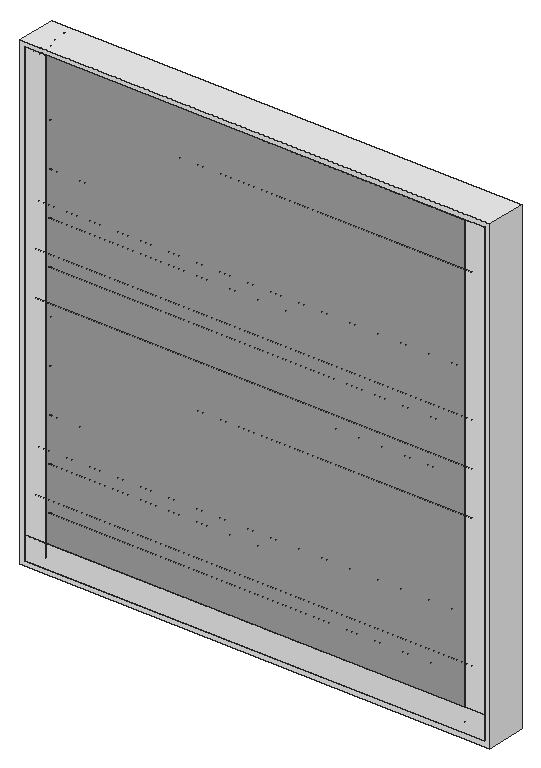
Revit family
Parameters (values of type "Louver_Operable_EOD-445_All-Lite")
  URL = "http://www.alllite-louvers.com"
  Spacing = 0.417 ft
  SmartBIM Object Version = 3  # constant formula
  SmartBIM Object Created By = "Reed Construction Data"  # constant formula
  Shim Thickness = 0.042 ft
  Screen Width = Width - (2 * Shim Thickness) - 2 * 0.083333 ft  # 3.749333 ft
  Screen Height = Height - (2 * Shim Thickness) - 2 * 0.098958 ft  # 3.718083 ft
  Screen = Aluminum
  Rough Width = 0.0 ft
  Rough Height = 0.0 ft
  Product URL = "http://www.alllite-louvers.com/catalog.php?model=EOD-445"
  Pressure Loss (in.wg.) = "0.16"  # constant formula
  OmniClass Title = "Exterior Louvers and Grilles"  # constant formula
  OmniClass Code = "23-60 11 17"  # constant formula
  Model Number = "EOD-445"  # constant formula
  Minimum Size = "12\" x 12\""
  Maximum Size - Single Section = "48\" x 96\" with low leakage seals, 60\" x 96\"  without low leakage seals."
  Maximum Size - Multiple Section = "Unlimited"
  Manufacturer = "All-Lite"  # constant formula
  Louver Width = Width - (2 * Shim Thickness) - 0.166667 ft  # 3.749333 ft
  Louver = Mill finish, 6063-T5 Extruded Aluminum
  Height = 4.0 ft
  Free Area for 48”x48” Louver = "43.1%"
  Free Area Velocity (fpm) = "1,024"  # constant formula
  Free Area (ft²) for 48"x48" Louver = 6.9 ft
  Frame = Mill finish, 6063-T5 Extruded Aluminum
  Default Sill Height = 3.0 ft
  Wall Closure = (empty or 0)
  Width = 4.0 ft
  Cut Sheet = "http://www.alllite-louvers.com/catalog/AEOD445.pdf"
  Assembly Code = "B2010300"
  Air Volume Delivered (cfm) = "7,096"  # constant formula
  95 CSI = "10200 "  # constant formula
  04 CSI = "08 91 00"  # constant formula
  # of Louvers = (Height - 0.25 ft) / (Spacing)  # 9
Reference planes (ft)
  plane 1 "Center (Front/Back)": y = 0
  plane 2: z = 0.291667
  plane 3 "Center (Left/Right)": x = 0
  plane 4 "Left": x = -2
  plane 5 "Right": x = 2
  plane 6 "Sill": z = 3.291667
  plane 7 "Top": z = 7.291667
  plane 8: x = -1.958
  plane 9: x = 1.958
  plane 10: z = 7.249667
  plane 11: z = 3.333667
  plane 12: z = 5.291667
  plane 13: z = 3.526375
  plane 14: z = 7.072917
  plane 15: y = -0.006094
  plane 16: z = 6.913149
Forms (ft)
  Sweep 1, solid, material "Mill finish, 6063-T5 Extruded Aluminum" <- "Frame"
    path origin (-5, 0.333333, 0) x (-1, 0, 0) y (0, 0, 1)
      loop
        line (-6.890333, 7.249667) -> (-3.109667, 7.249667)
    profile "Head Horizontal Mullion : Head Horizontal Mullion" origin (0, 0.333333, 7.249667) x (0, 0, 1) y (0, 1, 0)
      loop
        line (-0.0625, -0.322343) -> (0, -0.322343) -> (0, -0.01) -> (-0.080537, -0.01)
        arc (-0.080537, -0.01) -> (-0.083121, -0.010514) -> (-0.08531, -0.011977) r 0.00675
        line (-0.08531, -0.011977) -> (-0.157056, -0.083722) -> (-0.152283, -0.088495) -> (-0.080537, -0.01675) -> (-0.010125, -0.01675)
        arc (-0.010125, -0.01675) -> (-0.007739, -0.017739) -> (-0.00675, -0.020125) r 0.003375
        line (-0.00675, -0.020125) -> (-0.00675, -0.104469)
        arc (-0.00675, -0.104469) -> (-0.007739, -0.106855) -> (-0.010125, -0.107844) r 0.003375
        line (-0.010125, -0.107844) -> (-0.038, -0.107844) -> (-0.038, -0.114594) -> (-0.433354, -0.114594) -> (-0.433354, -0.01675) -> (-0.340148, -0.01675) -> (-0.340148, -0.01) -> (-0.440104, -0.01) -> (-0.440104, -0.121344) -> (-0.336518, -0.121344) -> (-0.336518, -0.188454) -> (-0.274018, -0.188454) -> (-0.274018, -0.178119) -> (-0.329768, -0.178119) -> (-0.329768, -0.121344) -> (-0.165567, -0.121344)
        arc (-0.165567, -0.121344) -> (-0.163181, -0.122332) -> (-0.162192, -0.124719) r 0.003375
        line (-0.162192, -0.124719) -> (-0.162192, -0.137098)
        arc (-0.162192, -0.137098) -> (-0.162751, -0.138958) -> (-0.164243, -0.140202) r 0.003375
        arc (-0.164243, -0.140202) -> (-0.172424, -0.150431) -> (-0.168407, -0.162897) r 0.013833
        arc (-0.168407, -0.162897) -> (-0.164746, -0.16357) -> (-0.162692, -0.160465) r 0.003375
        arc (-0.162692, -0.160465) -> (-0.162962, -0.159143) -> (-0.163728, -0.158032) r 0.003375
        arc (-0.163728, -0.158032) -> (-0.158817, -0.145844) -> (-0.153907, -0.158032) r 0.007083
        arc (-0.153907, -0.158032) -> (-0.154673, -0.159143) -> (-0.154942, -0.160465) r 0.003375
        arc (-0.154942, -0.160465) -> (-0.152889, -0.16357) -> (-0.149228, -0.162897) r 0.003375
        arc (-0.149228, -0.162897) -> (-0.145211, -0.150431) -> (-0.153391, -0.140202) r 0.013833
        arc (-0.153391, -0.140202) -> (-0.154883, -0.138958) -> (-0.155442, -0.137098) r 0.003375
        line (-0.155442, -0.137098) -> (-0.155442, -0.124719)
        arc (-0.155442, -0.124719) -> (-0.154454, -0.122332) -> (-0.152067, -0.121344) r 0.003375
        line (-0.152067, -0.121344) -> (-0.079667, -0.121344) -> (-0.079667, -0.128094) -> (-0.056858, -0.128094)
        arc (-0.056858, -0.128094) -> (-0.054472, -0.129082) -> (-0.053483, -0.131469) r 0.003375
        line (-0.053483, -0.131469) -> (-0.053483, -0.137098)
        arc (-0.053483, -0.137098) -> (-0.054042, -0.138958) -> (-0.055534, -0.140202) r 0.003375
        arc (-0.055534, -0.140202) -> (-0.063715, -0.150431) -> (-0.059698, -0.162897) r 0.013833
        arc (-0.059698, -0.162897) -> (-0.056037, -0.16357) -> (-0.053983, -0.160465) r 0.003375
        arc (-0.053983, -0.160465) -> (-0.054253, -0.159143) -> (-0.055019, -0.158032) r 0.003375
        arc (-0.055019, -0.158032) -> (-0.050108, -0.145844) -> (-0.045198, -0.158032) r 0.007083
        arc (-0.045198, -0.158032) -> (-0.045964, -0.159143) -> (-0.046233, -0.160465) r 0.003375
        arc (-0.046233, -0.160465) -> (-0.04418, -0.16357) -> (-0.040519, -0.162897) r 0.003375
        arc (-0.040519, -0.162897) -> (-0.036502, -0.150431) -> (-0.044682, -0.140202) r 0.013833
        arc (-0.044682, -0.140202) -> (-0.046174, -0.138958) -> (-0.046733, -0.137098) r 0.003375
        line (-0.046733, -0.137098) -> (-0.046733, -0.131469)
        arc (-0.046733, -0.131469) -> (-0.045745, -0.129082) -> (-0.043358, -0.128094) r 0.003375
        line (-0.043358, -0.128094) -> (-0.010125, -0.128094)
        arc (-0.010125, -0.128094) -> (-0.007739, -0.129082) -> (-0.00675, -0.131469) r 0.003375
        line (-0.00675, -0.131469) -> (-0.00675, -0.26431)
        arc (-0.00675, -0.26431) -> (-0.007739, -0.266697) -> (-0.010125, -0.267685) r 0.003375
        line (-0.010125, -0.267685) -> (-0.023858, -0.267685)
        arc (-0.023858, -0.267685) -> (-0.025719, -0.267126) -> (-0.026963, -0.265634) r 0.003375
        arc (-0.026963, -0.265634) -> (-0.037191, -0.257454) -> (-0.049657, -0.26147) r 0.013833
        arc (-0.049657, -0.26147) -> (-0.05033, -0.265132) -> (-0.047225, -0.267185) r 0.003375
        arc (-0.047225, -0.267185) -> (-0.045903, -0.266916) -> (-0.044793, -0.26615) r 0.003375
        arc (-0.044793, -0.26615) -> (-0.032604, -0.27106) -> (-0.044793, -0.27597) r 0.007083
        arc (-0.044793, -0.27597) -> (-0.045903, -0.275205) -> (-0.047225, -0.274935) r 0.003375
        arc (-0.047225, -0.274935) -> (-0.05033, -0.276988) -> (-0.049657, -0.28065) r 0.003375
        arc (-0.049657, -0.28065) -> (-0.037191, -0.284666) -> (-0.026963, -0.276486) r 0.013833
        arc (-0.026963, -0.276486) -> (-0.025719, -0.274994) -> (-0.023858, -0.274435) r 0.003375
        line (-0.023858, -0.274435) -> (-0.010125, -0.274435)
        arc (-0.010125, -0.274435) -> (-0.007739, -0.275424) -> (-0.00675, -0.27781) r 0.003375
        line (-0.00675, -0.27781) -> (-0.00675, -0.312218)
        arc (-0.00675, -0.312218) -> (-0.007739, -0.314605) -> (-0.010125, -0.315593) r 0.003375
        line (-0.010125, -0.315593) -> (-0.0625, -0.315593) -> (-0.0625, -0.322343)
  Sweep 2, solid, material "Mill finish, 6063-T5 Extruded Aluminum" <- "Frame"
    path origin (-5, 0.333333, 0) x (-1, 0, 0) y (0, 0, 1)
      loop
        line (-6.958, 3.333667) -> (-3.042, 3.333667)
    profile "Horizontal Mullion : Horizontal Mullion" origin (0, 0.333333, 3.333667) x (0, 0, 1) y (0, 1, 0)
      loop
        line (0.00675, -0.00675) -> (0.076583, -0.00675) -> (0.076583, -0.326167) -> (0.00675, -0.326167) -> (0.00675, -0.29125) -> (0, -0.29125) -> (0, -0.332917) -> (0.197917, -0.332917) -> (0.197917, -0.326167) -> (0.083333, -0.326167) -> (0.083333, 0) -> (0, 0) -> (0, -0.041667) -> (0.00675, -0.041667) -> (0.00675, -0.00675)
  Sweep 3, solid, material "Mill finish, 6063-T5 Extruded Aluminum" <- "Frame"
    path origin (-5, 0.333333, 0) x (-1, 0, 0) y (0, 0, 1)
      loop
        line (-3, 7.291667) -> (-7, 7.291667) -> (-7, 3.291667) -> (-3, 3.291667) -> (-3, 7.291667)
    profile origin (-2, 0.333333, 5.291667) x (0, 1, 0) y (-1, 0, 0)
      loop
        line (0, 0) -> (-0.332917, 0) -> (-0.332917, -0.042) -> (0, -0.042) -> (0, 0)
  Extrusion 4, solid, material "Aluminum" <- "Screen"
    sketch origin (-2, 0.417083, 7.291667) x (0, 0, -1) y (1, 0, 0)
      loop
        line (0.042, 0.213917) -> (3.760083, 0.213917) -> (3.760083, 3.786083) -> (0.042, 3.786083) -> (0.042, 0.213917)
    from 0.416667 to 0.409917
  Sweep 5, solid, material "Mill finish, 6063-T5 Extruded Aluminum" <- "Frame"
    path origin (-5, 0.333333, 0) x (-1, 0, 0) y (0, 0, 1)
      loop
        line (-3.042, 3.417) -> (-3.042, 7.249667)
    profile "Vertical Mullion : Vertical Mullion" origin (-1.958, 0.333333, 5.333333) x (1, 0, 0) y (0, 1, 0)
      loop
        line (0, -0.332917) -> (0.06775, -0.332917) -> (0.171917, -0.332917) -> (0.171917, -0.3225) -> (0.06775, -0.3225) -> (0.06775, -0.085417) -> (0.010417, -0.085417) -> (0.010417, -0.010417) -> (0.060917, -0.010417) -> (0.060917, -0.026083) -> (0.067667, -0.026083) -> (0.067667, -0.00675) -> (0.083333, -0.00675) -> (0.083333, 0) -> (0, 0) -> (0, -0.095833) -> (0.057333, -0.095833) -> (0.057333, -0.3225) -> (0.010417, -0.3225) -> (0.010417, -0.294917) -> (0, -0.294917) -> (0, -0.332917)
  Sweep 6, solid, material "Mill finish, 6063-T5 Extruded Aluminum" <- "Frame"
    path origin (-5, 0.333333, 0) x (-1, 0, 0) y (0, 0, 1)
      loop
        line (-6.958, 3.417) -> (-6.958, 7.249667)
    profile "Vertical Mullion : Vertical Mullion" origin (1.958, 0.333333, 5.333333) x (1, 0, 0) y (0, 1, 0)
      loop
        line (0, -0.332917) -> (0, -0.294917) -> (-0.010417, -0.294917) -> (-0.010417, -0.3225) -> (-0.057333, -0.3225) -> (-0.057333, -0.095833) -> (0, -0.095833) -> (0, 0) -> (-0.083333, 0) -> (-0.083333, -0.00675) -> (-0.067667, -0.00675) -> (-0.067667, -0.026083) -> (-0.060917, -0.026083) -> (-0.060917, -0.010417) -> (-0.010417, -0.010417) -> (-0.010417, -0.085417) -> (-0.06775, -0.085417) -> (-0.06775, -0.3225) -> (-0.171917, -0.3225) -> (-0.171917, -0.332917) -> (-0.06775, -0.332917) -> (0, -0.332917)
Lines and regions (ft)
  Opening 1
    outline origin (-5, -0.333333, 0) x (1, 0, 0) y (0, 0, 1)
      loop
        line (3, 7.291667) -> (3, 3.291667) -> (7, 3.291667) -> (7, 7.291667) -> (3, 7.291667)
  Masking region 1, detail levels coarse+medium
    outline origin (0, 0, 0) x (1, 0, 0) y (0, 1, 0)
      loop
        line (-2, 0.000417) -> (-1.874667, 0.000417) -> (-1.874667, 0.333333) -> (-2, 0.333333) -> (-2, 0.000417)
      loop
        line (1.874667, 0.333333) -> (1.874667, 0.000417) -> (2, 0.000417) -> (2, 0.333333) -> (1.874667, 0.333333)
  Masking region 2, detail levels fine
    outline origin (0, 0, 0) x (1, 0, 0) y (0, 1, 0)
      loop
        line (1.947583, 0.322917) -> (1.947583, 0.247917) -> (1.89025, 0.247917) -> (1.89025, 0.010833) -> (1.786083, 0.010833) -> (1.786083, 0.000417) -> (1.958, 0.000417) -> (1.958, 0.038417) -> (1.947583, 0.038417) -> (1.947583, 0.010833) -> (1.900667, 0.010833) -> (1.900667, 0.2375) -> (1.958, 0.2375) -> (1.958, 0.333333) -> (1.874667, 0.333333) -> (1.874667, 0.326583) -> (1.890333, 0.326583) -> (1.890333, 0.30725) -> (1.897083, 0.30725) -> (1.897083, 0.322917) -> (1.947583, 0.322917)
      loop
        line (-1.900667, 0.2375) -> (-1.900667, 0.010833) -> (-1.947583, 0.010833) -> (-1.947583, 0.038417) -> (-1.958, 0.038417) -> (-1.958, 0.000417) -> (-1.786083, 0.000417) -> (-1.786083, 0.010833) -> (-1.89025, 0.010833) -> (-1.89025, 0.247917) -> (-1.947583, 0.247917) -> (-1.947583, 0.322917) -> (-1.897083, 0.322917) -> (-1.897083, 0.30725) -> (-1.890333, 0.30725) -> (-1.890333, 0.326583) -> (-1.874667, 0.326583) -> (-1.874667, 0.333333) -> (-1.958, 0.333333) -> (-1.958, 0.2375) -> (-1.900667, 0.2375)
Text (ft)
  text "EXTERIOR" at (-4.890733, 4.242245, 0), in view "Ref. Level"
  text "INTERIOR" at (-4.890733, -3.147199, 0), in view "Ref. Level"
  text "Exterior" at (0, 3.638026, 10.266337), in view "Left"
  text "Exterior" at (0, 1.524487, 10.420622), in view "Right"
Dimensions and locks (ft)
  equal spacing: plane 4 "Left", plane 3 "Center (Left/Right)", plane 5 "Right"
  "Width": plane 4 "Left" to plane 5 "Right"
  "Height": plane 6 "Sill" to plane 7 "Top"
  "Default Sill Height": plane 2 to plane 6 "Sill"
  "Shim Thickness": plane 4 "Left" to plane 8
  "Shim Thickness": plane 9 to plane 5 "Right"
  "Shim Thickness": plane 10 to plane 7 "Top"
  "Shim Thickness": plane 6 "Sill" to plane 11
  equal spacing: plane 11, plane 12, plane 10
  Sweep 3 to host wall = 0.333333 ft
  locked: plane 11 to plane 13 at 0.192708
  equal spacing: group 1, group 3, group 4, group 5, group 6, group 7, group 8, group 9, group 2  (x2)
  equal spacing: group 2, group 9, group 8, group 7, group 6, group 5, group 4, group 3, group 1
  Sweep 3 to Sweep 3 = 0.332917 ft
  locked: plane 10 to plane 16 at 0.336518
  locked: Sweep 1 to plane 15 at 0.023834
  aligned and locked: plane 7 "Top" to Opening 1 sketch curve
  aligned and locked: plane 6 "Sill" to Opening 1 sketch curve  (x2)
  aligned and locked: plane 5 "Right" to Opening 1 sketch curve
  aligned and locked: plane 4 "Left" to Opening 1 sketch curve
  aligned and locked: plane 10 to Sweep 1 sketch curve
  aligned and locked: Sweep 2 sketch curve to plane 11
  aligned and locked: Sweep 3 sketch curve to plane 4 "Left"
  aligned and locked: Sweep 3 sketch curve to plane 7 "Top"
  aligned and locked: Sweep 3 sketch curve to plane 6 "Sill"
  aligned and locked: Sweep 3 sketch curve to plane 5 "Right"
  aligned and locked: Sweep 3 sketch curve to host wall  (x2)
  aligned and locked: plane 8 to Sweep 3 sketch curve
  aligned and locked: profile plane to host wall
  aligned and locked: plane 8 to Sweep 5 sketch curve
  aligned and locked: plane 10 to Sweep 5 sketch curve
  aligned and locked: Sweep 6 sketch curve to plane 9
  aligned and locked: plane 10 to Sweep 6 sketch curve
  aligned and locked: nested 2 to plane 13
  aligned and locked: Sweep 5 sketch curve to Sweep 2
  aligned and locked: plane 8 to Sweep 2 sketch curve
  aligned and locked: Sweep 2 to Sweep 6 sketch curve
  aligned and locked: plane 9 to Sweep 2 sketch curve
  aligned and locked: Sweep 5 to Extrusion 4 sketch curve
  aligned and locked: nested 1 to Sweep 1
  aligned and locked: nested 2 to Sweep 1
  aligned and locked: plane 10 to Extrusion 4 sketch curve
  aligned and locked: Sweep 3 sketch curve to Sweep 5
  aligned and locked: Extrusion 4 sketch curve to Sweep 6
  aligned and locked: plane 16 to nested 1
  aligned and locked: Extrusion 4 to Sweep 2  (x2)
  aligned and locked: Sweep 1 sketch curve to Sweep 5
  aligned and locked: Sweep 6 to Sweep 1 sketch curve
  aligned and locked: Masking region 1 sketch curve to plane 4 "Left"
  aligned and locked: Sweep 3 to Masking region 1 sketch curve
  aligned and locked: Masking region 1 sketch curve to Sweep 5
  aligned and locked: Masking region 1 sketch curve to Sweep 3
  aligned and locked: Masking region 1 sketch curve to Sweep 6  (x2)
  aligned and locked: Masking region 1 sketch curve to plane 5 "Right"
  aligned and locked: Sweep 6 to Masking region 1 sketch curve
  aligned and locked: Masking region 2 sketch curve to Sweep 6  (x20)
  aligned and locked: Masking region 2 sketch curve to Sweep 5  (x20)
  aligned and locked: Sweep 2 to Extrusion 4 sketch curve
Nested families (ft)
  nested 1: "Louver Single" at (0, 0.409271, 6.527294), type "Louver"
  nested 2: "Louver Single" at (0, 0.409271, 3.526375), type "Louver"
  nested 3: "Louver Single" at (0, 0.409271, 6.152179), type "Louver"
  nested 4: "Louver Single" at (0, 0.409271, 5.777064), type "Louver"
  nested 5: "Louver Single" at (0, 0.409271, 5.40195), type "Louver"
  nested 6: "Louver Single" at (0, 0.409271, 5.026835), type "Louver"
  nested 7: "Louver Single" at (0, 0.409271, 4.65172), type "Louver"
  nested 8: "Louver Single" at (0, 0.409271, 4.276605), type "Louver"
  nested 9: "Louver Single" at (0, 0.409271, 3.90149), type "Louver"
Connectors (ft)
  hvac at (0, 0.007167, 5.390625), driven by "Screen Height", driven by "Screen Width"
    settings: on Extrusion 4, index 1
Definition of nested family "Louver Single"
  Parameters (values of type "Louver")
    Louver Length = 3.75 ft
    Depth = 0.333333 ft
    Louver Single = yes
    Louver = none
    Assembly Code = ""
  Reference planes (ft)
    plane 1 "Center (Front/Back)": y = -0.085938
    plane 2: z = 0
    plane 3 "Center (Left/Right)": x = 0
    plane 4: x = -1.875
    plane 5: x = 1.875
    plane 6: z = 0.4619
    plane 7: y = -0.568271
    plane 8: x = -1.900833
    plane 9: x = -1.921667
    plane 10: y = -0.419271
  Forms (ft)
    Extrusion 1, solid, material <- "Louver"
      sketch origin (0, 0.061742, -0.06006) x (0, 1, 0) y (0, 0, 1)
        loop
          line (-0.312696, 0.275379) -> (-0.40278, 0.275379)
          arc (-0.40278, 0.275379) -> (-0.456988, 0.221171) -> (-0.40278, 0.166963) r 0.054208
          line (-0.40278, 0.166963) -> (-0.312696, 0.166963)
          arc (-0.312696, 0.166963) -> (-0.258488, 0.221171) -> (-0.312696, 0.275379) r 0.054208
        loop
          circle (-0.312696, 0.221171) r 0.02125
      from -1.921667 to -1.900833
    Extrusion 2, solid, material <- "Louver"
      sketch origin (0, 0.158509, -0.131505) x (0, 1, 0) y (0, 0, 1)
        loop
          line (-0.244447, 0.202669) -> (-0.251113, 0.202669) -> (-0.251113, 0.1476) -> (-0.315642, 0.212128) -> (-0.315642, 0.232962) -> (-0.548965, 0.466285) -> (-0.548965, 0.51736) -> (-0.556965, 0.51736) -> (-0.556965, 0.462567) -> (-0.423587, 0.329188)
          arc (-0.423587, 0.329188) -> (-0.43312, 0.3123) -> (-0.434018, 0.292927) r 0.041853
          arc (-0.434018, 0.292927) -> (-0.432795, 0.291185) -> (-0.430679, 0.290953) r 0.002583
          line (-0.430679, 0.290953) -> (-0.427022, 0.292145)
          arc (-0.427022, 0.292145) -> (-0.42808, 0.301319) -> (-0.426715, 0.310452) r 0.035187
          arc (-0.426715, 0.310452) -> (-0.419308, 0.31766) -> (-0.409338, 0.314939) r 0.010417
          line (-0.409338, 0.314939) -> (-0.381012, 0.286613)
          arc (-0.381012, 0.286613) -> (-0.378051, 0.277875) -> (-0.383191, 0.270214) r 0.010417
          arc (-0.383191, 0.270214) -> (-0.401356, 0.265548) -> (-0.419338, 0.270877) r 0.035187
          line (-0.419338, 0.270877) -> (-0.422146, 0.269256)
          arc (-0.422146, 0.269256) -> (-0.423438, 0.267038) -> (-0.42218, 0.264801) r 0.002583
          arc (-0.42218, 0.264801) -> (-0.393604, 0.259483) -> (-0.368456, 0.274058) r 0.041853
          line (-0.368456, 0.274058) -> (-0.324262, 0.229863) -> (-0.324262, 0.211321) -> (-0.244447, 0.131505) -> (-0.244447, 0.202669)
      from -1.875 to 1.875
  Dimensions and locks (ft)
    equal spacing: plane 4, plane 3 "Center (Left/Right)", plane 5
    "Louver Length": plane 4 to plane 5
    locked: plane 8 to plane 4 at 0.025833
    locked: plane 9 to plane 8 at 0.020833
    Extrusion 2 sketch curve to Extrusion 2 sketch curve = 0.006667 ft
    plane 1 "Center (Front/Back)" to plane 10 = 0.333333 ft
    aligned and locked: plane 8 to Extrusion 1
    aligned and locked: Extrusion 1 to plane 9
    aligned and locked: Extrusion 2 to plane 4
    aligned and locked: plane 5 to Extrusion 2
  Automatic sketch dimensions
    Extrusion 1 sketch curve to plane 7 = 0.227233 ft
    Extrusion 1 sketch curve to Extrusion 1 sketch curve = 0.090083 ft
    level to Extrusion 1 sketch curve = 0.106903 ft
    Extrusion 1 sketch curve to Extrusion 1 sketch curve = 0.054208 ft
    Extrusion 1 sketch curve to Extrusion 1 sketch curve = 0.0 ft  (x2)
    Extrusion 2 sketch curve to Extrusion 2 sketch curve = 0.0 ft  (x9)
    plane 6 to Extrusion 2 sketch curve = 0.130839 ft
    Extrusion 2 sketch curve to plane 7 = 0.169815 ft
    plane 6 to Extrusion 2 sketch curve = 0.12712 ft
    Extrusion 2 sketch curve to Extrusion 2 sketch curve = 0.008 ft
    Extrusion 2 sketch curve to plane 7 = 0.292762 ft
    Extrusion 2 sketch curve to Extrusion 2 sketch curve = 0.002538 ft
    Extrusion 2 sketch curve to Extrusion 2 sketch curve = 0.000801 ft
    Extrusion 2 sketch curve to Extrusion 2 sketch curve = 0.003657 ft
    Extrusion 2 sketch curve to Extrusion 2 sketch curve = 0.004765 ft
    Extrusion 2 sketch curve to Extrusion 2 sketch curve = 0.003128 ft
    Extrusion 2 sketch curve to Extrusion 2 sketch curve = 0.008499 ft
    Extrusion 2 sketch curve to Extrusion 2 sketch curve = 0.000033 ft
    Extrusion 2 sketch curve to Extrusion 2 sketch curve = 0.001292 ft
    Extrusion 2 sketch curve to Extrusion 2 sketch curve = 0.002808 ft
    Extrusion 2 sketch curve to Extrusion 2 sketch curve = 0.010011 ft
    Extrusion 2 sketch curve to Extrusion 2 sketch curve = 0.007366 ft  (x2)
    Extrusion 2 sketch curve to Extrusion 2 sketch curve = 0.008627 ft
    Extrusion 2 sketch curve to Extrusion 2 sketch curve = 0.007813 ft
    Extrusion 2 sketch curve to Extrusion 2 sketch curve = 0.004521 ft
    Extrusion 2 sketch curve to Extrusion 2 sketch curve = 0.005187 ft
    Extrusion 2 sketch curve to Extrusion 2 sketch curve = 0.014734 ft
    Extrusion 2 sketch curve to Extrusion 2 sketch curve = 0.044194 ft
    Extrusion 2 sketch curve to Extrusion 2 sketch curve = 0.00862 ft
    Extrusion 2 sketch curve to Extrusion 2 sketch curve = 0.064528 ft
    Extrusion 2 sketch curve to Extrusion 2 sketch curve = 0.006667 ft
    plane 6 to Extrusion 2 sketch curve = 0.264217 ft
    Extrusion 2 sketch curve to Extrusion 2 sketch curve = 0.004487 ft
    Extrusion 2 sketch curve to Extrusion 2 sketch curve = 0.000482 ft
    Extrusion 2 sketch curve to Extrusion 2 sketch curve = 0.014115 ft
    Extrusion 2 sketch curve to Extrusion 2 sketch curve = 0.003844 ft
    Extrusion 2 sketch curve to Extrusion 2 sketch curve = 0.041096 ft
    Extrusion 2 sketch curve to Extrusion 2 sketch curve = 0.003098 ft
    Extrusion 2 sketch curve to Extrusion 2 sketch curve = 0.017735 ft
    Extrusion 2 sketch curve to Extrusion 2 sketch curve = 0.000808 ft
    Extrusion 2 sketch curve to Extrusion 2 sketch curve = 0.055069 ft
    Extrusion 2 sketch curve to Extrusion 2 sketch curve = 0.051075 ft
    radius of Extrusion 1 sketch curve = 0.02125 ft
